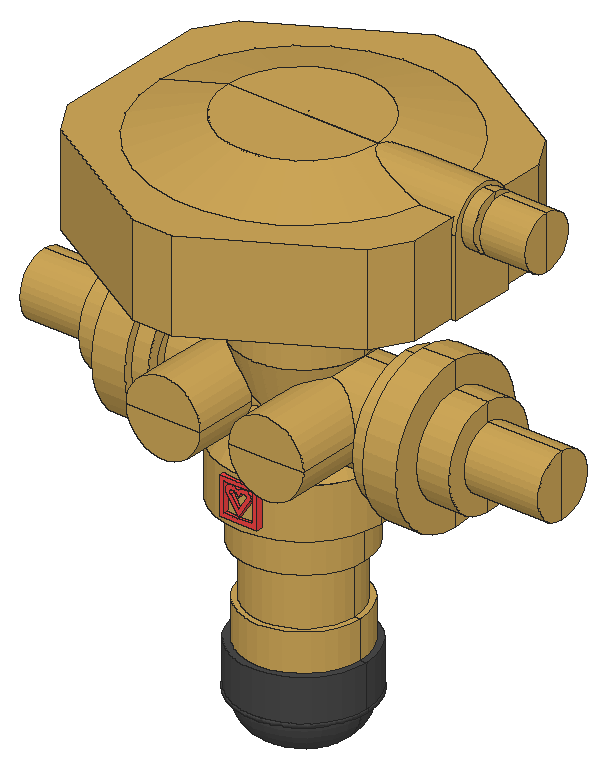
Revit family "Комби-клапан – регулятор расхода 4006_R", category Rohrzubehör, Revit 2018
Family settings
  Bemaßung runder Anschluss = Durchmesser verwenden
  Teiletyp = Unterbricht
  OmniClass-Nummer = 23.65.55.14
  OmniClass-Titel = Valves for Liquid Services
  Arbeitsebenenbasiert = Nein
  Immer vertikal = Ja
  Beim Laden mit Abzugskörper schneiden = Nein
  Gemeinsam genutzt = Nein
Parameters
  Среда = "Качество теплоносителя в соответствии с ÖNORM H5195 и/или предписаниями VDI-Standard 2035.\nРазрешается использование смеси этилен- или пропиленгликоля в соотношении 25-50% с водой."
  Номер заказа резьбового соединения [instance] = size_lookup("4006R_", "Vrnr", 0, Nennweite)  # 1621011
  Номер заказа [instance] = size_lookup("4006R_", "Artnr", 0, Nennweite)  # 1400641
  Мин. рабочая температура (антифриз) = -20 °C  # constant formula
  Макс. рабочая температура до DN32 = 130 °C  # constant formula
  Макс. рабочая температура от DN40 = 110 °C  # constant formula
  Макс. рабочее давление = 1600000.0 Pa  # constant formula
  VRL04 = 8.000 mm  # constant formula
  VRL03 [instance] = L01 + 4.000 mm  # 12.000 mm
  VRL02 = 18.000 mm  # constant formula
  VRL01 [instance] = size_lookup("4006R_", "VRL1", 30.000 mm, Nennweite)  # 30.000 mm
  URL = "www.herz-armaturen.ru"
  Шпиндель = "Нержавеющая сталь 14301"  # constant formula
  SCRNSEQ = "ARM;ARM_TYP=\"DURR\";2"
  SCRNCODE = "05;04;02"  # constant formula
  S05 [instance] = VRL01  # 30.000 mm
  S04 [instance] = H08 + (S03 / 2)  # 45.750 mm
  S03 [instance] = H09 + 4.700 mm  # 26.500 mm
  S02 [instance] = VRD01 * 2  # 36.400 mm
  S01 [instance] = 10.000 mm  # constant formula
  R12 = 3.900 mm  # constant formula
  R11 = 6.500 mm  # constant formula
  R10 = 35.000 mm  # constant formula
  R09 = 18.250 mm  # constant formula
  R08 = 11.300 mm  # constant formula
  R07 [instance] = size_lookup("4006R_", "R7", 17.300 mm, Nennweite)  # 17.300 mm
  R06 [instance] = size_lookup("4006R_", "R6", 19.000 mm, Nennweite)  # 19.000 mm
  R05 = 15.000 mm  # constant formula
  R04 = 12.500 mm  # constant formula
  R02 [instance] = size_lookup("4006R_", "R2", 15.000 mm, Nennweite)  # 15.000 mm
  R01 [instance] = size_lookup("4006R_", "R1", 11.500 mm, Nennweite)  # 11.500 mm
  PN = 16  # constant formula
  Кольцевое уплотнение O-Ring = "EPDM"  # constant formula
  Nennweite [instance] = 15.000 mm
  Мин. рабочая температура (чистая вода) = 2 °C  # constant formula
  Корпус мембраны = "латунь CW602N"  # constant formula
  Мембрана = "EPDM"  # constant formula
  L06 [instance] = L00 / 2  # 33.000 mm
  L05 = 11.000 mm  # constant formula
  L04 = 1.500 mm  # constant formula
  L03 = 3.200 mm  # constant formula
  L02 = 43.500 mm  # constant formula
  L01 [instance] = size_lookup("4006R_", "L1", 8.000 mm, Nennweite)  # 8.000 mm
  L00 [instance] = size_lookup("4006R_", "L", 66.000 mm, Nennweite)  # 66.000 mm
  Импульсная трубка = "Медь Cu-DHP (CW024A)"  # constant formula
  Ход = 4.000 mm  # constant formula
  Hersteller = "Herz-Armaturen GmbH"  # constant formula
  H13 [instance] = H02 - H05 - H03 - H04 - 2.000 mm  # 21.700 mm
  H12 = 19.250 mm  # constant formula
  H11 [instance] = size_lookup("4006R_", "H11", 59.000 mm, Nennweite)  # 59.000 mm
  H10 [instance] = H08 + H09  # 54.300 mm
  H09 = 21.800 mm  # constant formula
  H08 [instance] = H01 + H06 + H07  # 32.500 mm
  H07 = 4.000 mm  # constant formula
  H06 [instance] = size_lookup("4006R_", "H6", 10.000 mm, Nennweite)  # 10.000 mm
  H05 = 9.000 mm  # constant formula
  H04 [instance] = size_lookup("4006R_", "H4", 9.600 mm, Nennweite)  # 9.600 mm
  H03 [instance] = size_lookup("4006R_", "H3", 13.000 mm, Nennweite)  # 13.000 mm
  H02 [instance] = size_lookup("4006R_", "H2", 55.300 mm, Nennweite)  # 55.300 mm
  H01 [instance] = size_lookup("4006R_", "H1", 18.500 mm, Nennweite)  # 18.500 mm
  Корпус = "Латунь, устойчивая к селективной цинковой коррозии"  # constant formula
  VRG03 [instance] = Nennweite / 2  # 7.500 mm
  G02 [instance] = size_lookup("4006R_", "G2", 13.900 mm, Nennweite)  # 13.900 mm
  G01 [instance] = size_lookup("4006R_", "G1", 13.200 mm, Nennweite)  # 13.200 mm
  Пружина = "Пружинная нержавеющая сталь"  # constant formula
  DN50 [instance] = Nennweite = 50.000 mm  # no
  DN40 [instance] = Nennweite = 40.000 mm  # no
  DN32 [instance] = Nennweite = 32.000 mm  # no
  DN25 [instance] = Nennweite = 25.000 mm  # no
  DN20 [instance] = Nennweite = 20.000 mm  # no
  DN15 [instance] = Nennweite = 15.000 mm  # yes
  VRD03 [instance] = VRG03 + 4.500 mm  # 12.000 mm
  VRD02 [instance] = G01 + 3.000 mm  # 16.200 mm
  VRD01 [instance] = G01 + 5.000 mm  # 18.200 mm
  Защитный колпачок = "Пластик"  # constant formula
  Область применения = "Комби-клапан применяется в системах отопления и охлаждения с насосами. Комби-клапан автоматически ограничивает расход на выбранном участке системы до заданного значения, компенсируя все колебания давления. При этом нет необходимости в измерениях, а регулирование эффективно при любых условиях эксплуатации. Комби-клапан регулирует расход в соответствии с настройкой до заданного значения; на мембрану воздействует давление непосредственно до и после регулирующей части."
Reference planes
  plane 1 "Mitte (Vorne/hinten)": y = 0
  plane 2: z = 0
  plane 3 "Mitte (Links/rechts)": x = 0
Forms (mm)
  Revolve 1, solid, material "Messing, weicher Gelbton, geschweißt", detail levels fine
    sketch origin (0, 0, 0) x (1, 0, 0) y (0, 0, 1)
      loop
        line (-33, 0) -> (33, 0) -> (33, 13.2) -> (25, 13.2) -> (25, 11.5) -> (-25, 11.5) -> (-25, 13.2) -> (-33, 13.2) -> (-33, 0)
      axis (-33, 0) -> (33, 0)
    angle from 0 to 360
  Revolve 2, solid, material "Messing, weicher Gelbton, geschweißt", detail levels fine
    sketch origin (0, 0, 0) x (1, 0, 0) y (0, 0, 1)
      loop
        line (0, -55.3) -> (0, 18.5) -> (-15, 18.5) -> (-15, 11.5) -> (-11.5, 0) -> (-19, -11.5) -> (-19, -23.7) -> (-15, -23.7) -> (-15, -33.3) -> (-12.5, -33.3) -> (-12.5, -46.3) -> (-13.9, -46.3) -> (-13.9, -55.3) -> (0, -55.3)
      axis (0, 18.5) -> (0, -55.3)
    angle from 0 to 360
  Revolve 3, solid, material "Messing, weicher Gelbton, geschweißt", detail levels fine
    sketch origin (0, 0, 0) x (1, 0, 0) y (0, 0, 1)
      loop
        line (0, 18.5) -> (0, 32.5) -> (-11.3, 32.5) -> (-11.3, 28.5) -> (-17.3, 28.5) -> (-17.3, 18.5) -> (0, 18.5)
      axis (0, 32.5) -> (0, 18.5)
    angle from 0 to 360
  Extrusion 4, solid, material "Messing, weicher Gelbton, geschweißt", detail levels fine
    sketch origin (0, 0, 0) x (0, -1, 0) y (1, 0, 0)
      loop
        line (-46, -4.75) -> (-27.114, -37.462) -> (-18.886, -42.212) -> (18.886, -42.212) -> (27.114, -37.462) -> (46, -4.75) -> (46, 4.75) -> (27.114, 37.462) -> (18.886, 42.212) -> (-18.886, 42.212) -> (-27.114, 37.462) -> (-46, 4.75) -> (-46, -4.75)
    from 32.5 to 54.3
  Revolve 5, solid, material "Messing, weicher Gelbton, geschweißt", detail levels fine
    sketch origin (0, 0, 0) x (1, 0, 0) y (0, 0, 1)
      loop
        line (0, 54.3) -> (0, 59) -> (-18.25, 59) -> (-35, 54.3) -> (0, 54.3)
      axis (0, 59) -> (0, 54.3)
    angle from 0 to 360
  Extrusion 6, solid, material "Messing, weicher Gelbton, geschweißt", detail levels fine
    sketch origin (0, 0, 0) x (0, 1, 0) y (0, 0, 1)
      loop
        arc (7.85, 51.15) -> (0, 59) -> (-7.85, 51.15) r 7.85
        line (-7.85, 51.15) -> (-7.85, 32.5) -> (7.85, 32.5) -> (7.85, 51.15)
    from 0 to 43.5
  Revolve 7, solid, material "Messing, weicher Gelbton, geschweißt", detail levels fine
    sketch origin (0, 0, 0) x (1, 0, 0) y (0, 0, 1)
      loop
        line (43.5, 51.75) -> (59.2, 51.75) -> (59.2, 58.25) -> (48.2, 58.25) -> (48.2, 55.65) -> (46.7, 55.65) -> (46.7, 58.25) -> (43.5, 58.25) -> (43.5, 51.75)
      axis (43.5, 51.75) -> (59.2, 51.75)
    angle from 0 to 360
  Revolve 8, solid, material "Messing, weicher Gelbton, geschweißt", visible <- "DN15", detail levels fine
    sketch origin (0, 0, 0) x (1, 0, 0) y (0, 1, 0)
      loop
        line (-12.5, 24) -> (-20.2, 24) -> (-20.2, 0) -> (-21.5, 0) -> (-21.5, -27) -> (-12.5, -27) -> (-12.5, 24)
      axis (-12.5, 24) -> (-12.5, -27)
    angle from 0 to 360
  Revolve 9, solid, material "Messing, weicher Gelbton, geschweißt", visible <- "DN15", detail levels fine
    sketch origin (-12.5, 0, 0) x (0, 1, 0) y (0, 0, 1)
      loop
        line (24, 0) -> (39.7, 0) -> (39.7, 6.5) -> (28.7, 6.5) -> (28.7, 3.9) -> (27.2, 3.9) -> (27.2, 6.5) -> (24, 6.5) -> (24, 0)
      axis (24, 0) -> (39.7, 0)
    angle from 0 to 360
  Revolve 10, solid, material "Messing, weicher Gelbton, geschweißt", visible <- "DN15", detail levels fine
    sketch origin (0, 0, 0) x (1, 0, 0) y (0, 1, 0)
      loop
        line (12.5, 0) -> (12.5, -27) -> (21.6, -27) -> (21.6, 0) -> (12.5, 0)
      axis (12.5, 0) -> (12.5, -27)
    angle from 0 to 360
  Revolve 11, solid, material "Messing, weicher Gelbton, geschweißt", visible <- "DN20", detail levels fine
    sketch origin (-2, 0, 0) x (1, 0, 0) y (0, 1, 0)
      loop
        line (-12.5, 27) -> (-20.2, 27) -> (-20.2, 0) -> (-21.5, 0) -> (-21.5, -29) -> (-12.5, -29) -> (-12.5, 27)
      axis (-12.5, 27) -> (-12.5, -29)
    angle from 0 to 360
  Revolve 12, solid, material "Messing, weicher Gelbton, geschweißt", visible <- "DN20", detail levels fine
    sketch origin (2, 0, 0) x (1, 0, 0) y (0, 1, 0)
      loop
        line (12.5, 0) -> (12.5, -29) -> (21.6, -29) -> (21.6, 0) -> (12.5, 0)
      axis (12.5, 0) -> (12.5, -29)
    angle from 0 to 360
  Revolve 13, solid, material "Messing, weicher Gelbton, geschweißt", visible <- "DN20", detail levels fine
    sketch origin (-14.5, 3, 0) x (0, 1, 0) y (0, 0, 1)
      loop
        line (24, 0) -> (39.7, 0) -> (39.7, 6.5) -> (28.7, 6.5) -> (28.7, 3.9) -> (27.2, 3.9) -> (27.2, 6.5) -> (24, 6.5) -> (24, 0)
      axis (24, 0) -> (39.7, 0)
    angle from 0 to 360
  Revolve 14, solid, material "Messing, weicher Gelbton, geschweißt", visible <- "DN25", detail levels fine
    sketch origin (-2.1, 0, 0) x (1, 0, 0) y (0, 1, 0)
      loop
        line (-12.5, 27) -> (-20.2, 27) -> (-20.2, 0) -> (-21.5, 0) -> (-21.5, -29) -> (-12.5, -29) -> (-12.5, 27)
      axis (-12.5, 27) -> (-12.5, -29)
    angle from 0 to 360
  Revolve 15, solid, material "Messing, weicher Gelbton, geschweißt", visible <- "DN25", detail levels fine
    sketch origin (-14.6, 3, 0) x (0, 1, 0) y (0, 0, 1)
      loop
        line (24, 0) -> (39.7, 0) -> (39.7, 6.5) -> (28.7, 6.5) -> (28.7, 3.9) -> (27.2, 3.9) -> (27.2, 6.5) -> (24, 6.5) -> (24, 0)
      axis (24, 0) -> (39.7, 0)
    angle from 0 to 360
  Revolve 16, solid, material "Messing, weicher Gelbton, geschweißt", visible <- "DN25", detail levels fine
    sketch origin (2.1, 0, 0) x (1, 0, 0) y (0, 1, 0)
      loop
        line (12.5, 0) -> (12.5, -29) -> (21.6, -29) -> (21.6, 0) -> (12.5, 0)
      axis (12.5, 0) -> (12.5, -29)
    angle from 0 to 360
  Revolve 17, solid, material "Messing, weicher Gelbton, geschweißt", visible <- "DN32", detail levels fine
    sketch origin (0, 0, 0.637) x (1, 0, 0) y (0, 0, 1)
      loop
        line (-31.5, -0.637) -> (-40.5, -0.637) -> (-40.5, -43.437) -> (-31.5, -43.437) -> (-31.5, -0.637)
      axis (-31.5, -43.437) -> (-31.5, -0.637)
    angle from 0 to 360
  Revolve 18, solid, material "Messing, weicher Gelbton, geschweißt", visible <- "DN32", detail levels fine
    sketch origin (0, 0, 0.637) x (-1, 0, 0) y (0, 0, 1)
      loop
        line (-31.5, -0.637) -> (-40.5, -0.637) -> (-40.5, -43.437) -> (-31.5, -43.437) -> (-31.5, -0.637)
      axis (-31.5, -43.437) -> (-31.5, -0.637)
    angle from 0 to 360
  Revolve 19, solid, material "Messing, weicher Gelbton, geschweißt", visible <- "DN40", detail levels fine
    sketch origin (0, 0, 0) x (1, 0, 0) y (0, 0, 1)
      loop
        line (-37, 0) -> (-46, 0) -> (-46, -54.2) -> (-37, -54.2) -> (-37, 0)
      axis (-37, 0) -> (-37, -54.2)
    angle from 0 to 360
  Revolve 20, solid, material "Messing, weicher Gelbton, geschweißt", visible <- "DN40", detail levels fine
    sketch origin (0, 0, 0) x (-1, 0, 0) y (0, 0, 1)
      loop
        line (-37, 0) -> (-46, 0) -> (-46, -54.2) -> (-37, -54.2) -> (-37, 0)
      axis (-37, 0) -> (-37, -54.2)
    angle from 0 to 360
  Revolve 21, solid, material "Messing, weicher Gelbton, geschweißt", visible <- "DN50", detail levels fine
    sketch origin (-0.1, 0, 0) x (1, 0, 0) y (0, 0, 1)
      loop
        line (-37, 0) -> (-46, 0) -> (-46, -54.2) -> (-37, -54.2) -> (-37, 0)
      axis (-37, 0) -> (-37, -54.2)
    angle from 0 to 360
  Revolve 22, solid, material "Messing, weicher Gelbton, geschweißt", visible <- "DN50", detail levels fine
    sketch origin (0.1, 0, 0) x (-1, 0, 0) y (0, 0, 1)
      loop
        line (-37, 0) -> (-46, 0) -> (-46, -54.2) -> (-37, -54.2) -> (-37, 0)
      axis (-37, 0) -> (-37, -54.2)
    angle from 0 to 360
  Revolve 23, solid, material "Messing, weicher Gelbton, geschweißt", detail levels fine
    sketch origin (-97.028, 0, 0) x (1, 0, 0) y (0, 0, 1)
      loop
        line (130.028, 0) -> (160.028, 0) -> (160.028, 7.5) -> (142.028, 7.5) -> (142.028, 12) -> (134.028, 12) -> (134.028, 18.2) -> (126.028, 18.2) -> (126.028, 16.2) -> (122.028, 16.2) -> (122.028, 13.2) -> (130.028, 13.2) -> (130.028, 0)
      axis (122.028, 0) -> (160.028, 0)
    angle from 0 to 360
  Revolve 24, solid, material "Messing, weicher Gelbton, geschweißt", detail levels fine
    sketch origin (97.028, 0, 0) x (-1, 0, 0) y (0, 0, 1)
      loop
        line (130.028, 0) -> (160.028, 0) -> (160.028, 7.5) -> (142.028, 7.5) -> (142.028, 12) -> (134.028, 12) -> (134.028, 18.2) -> (126.028, 18.2) -> (126.028, 16.2) -> (122.028, 16.2) -> (122.028, 13.2) -> (130.028, 13.2) -> (130.028, 0)
      axis (122.028, 0) -> (160.028, 0)
    angle from 0 to 360
  Revolve 25, solid, material "Messing, weicher Gelbton, geschweißt", visible <- "DN32", detail levels fine
    sketch origin (-9.5, 0, 0) x (1, 0, 0) y (0, 1, 0)
      loop
        line (-12.5, -31) -> (-12.5, 0) -> (-20.2, 0) -> (-20.2, -31) -> (-12.5, -31)
      axis (-12.5, 0) -> (-12.5, -31)
    angle from 0 to 360
  Revolve 26, solid, material "Messing, weicher Gelbton, geschweißt", visible <- "DN32", detail levels fine
    sketch origin (-22, -7, 0) x (0, -1, 0) y (0, 0, -1)
      loop
        line (24, 0) -> (24, -6.5) -> (27.2, -6.5) -> (27.2, -3.9) -> (28.7, -3.9) -> (28.7, -6.5) -> (39.7, -6.5) -> (39.7, 0) -> (24, 0)
      axis (24, 0) -> (39.7, 0)
    angle from 0 to 360
  Revolve 27, solid, material "Messing, weicher Gelbton, geschweißt", visible <- "DN40", detail levels fine
    sketch origin (-17.5, 0, 0) x (1, 0, 0) y (0, 1, 0)
      loop
        line (-12.5, -39.5) -> (-12.5, 0) -> (-20.2, 0) -> (-20.2, -39.5) -> (-12.5, -39.5)
      axis (-12.5, 0) -> (-12.5, -39.5)
    angle from 0 to 360
  Revolve 28, solid, material "Messing, weicher Gelbton, geschweißt", visible <- "DN40", detail levels fine
    sketch origin (-30, -15.5, 0) x (0, -1, 0) y (0, 0, -1)
      loop
        line (24, 0) -> (24, -6.5) -> (27.2, -6.5) -> (27.2, -3.9) -> (28.7, -3.9) -> (28.7, -6.5) -> (39.7, -6.5) -> (39.7, 0) -> (24, 0)
      axis (24, 0) -> (39.7, 0)
    angle from 0 to 360
  Revolve 29, solid, material "Messing, weicher Gelbton, geschweißt", visible <- "DN50", detail levels fine
    sketch origin (-17.6, 0, 0) x (1, 0, 0) y (0, 1, 0)
      loop
        line (-12.5, -39.5) -> (-12.5, 0) -> (-20.2, 0) -> (-20.2, -39.5) -> (-12.5, -39.5)
      axis (-12.5, 0) -> (-12.5, -39.5)
    angle from 0 to 360
  Revolve 30, solid, material "Messing, weicher Gelbton, geschweißt", visible <- "DN50", detail levels fine
    sketch origin (-30.1, -15.5, 0) x (0, -1, 0) y (0, 0, -1)
      loop
        line (24, 0) -> (24, -6.5) -> (27.2, -6.5) -> (27.2, -3.9) -> (28.7, -3.9) -> (28.7, -6.5) -> (39.7, -6.5) -> (39.7, 0) -> (24, 0)
      axis (24, 0) -> (39.7, 0)
    angle from 0 to 360
Lines and regions (mm)
  model lines, detail levels coarse+medium
    curve 1: line (33, -18.2, 0) -> (33, 18.2, 0)
    curve 2: line (33, 18.2, 0) -> (-33, -18.2, 0)
    curve 3: line (-33, -18.2, 0) -> (-33, 18.2, 0)
    curve 4: line (-33, 18.2, 0) -> (33, -18.2, 0)
    curve 5: line (0, -18.5, 0) -> (0, -32.5, 0)
    curve 6: spline (-43.5, -45.75, 0) -> (-42.018, -42.321, 0) -> (-37.672, -39.125, 0) -> (-30.759, -36.381, 0) -> (-21.75, -34.275, 0) -> (-11.259, -32.951, 0) -> (0, -32.5, 0) -> (11.259, -32.951, 0) -> (21.75, -34.275, 0) -> (30.759, -36.381, 0) -> (37.672, -39.125, 0) -> (42.018, -42.321, 0) -> (43.5, -45.75, 0) -> (42.018, -49.179, 0) -> (37.672, -52.375, 0) -> (30.759, -55.119, 0) -> (21.75, -57.225, 0) -> (11.259, -58.549, 0) -> (0, -59, 0) -> (-11.259, -58.549, 0) -> (-21.75, -57.225, 0) -> (-30.759, -55.119, 0) -> (-37.672, -52.375, 0) -> (-42.018, -49.179, 0) -> (-43.5, -45.75, 0)
    curve 7: line (-33, 0, 18.2) -> (-33, 0, -18.2)
    curve 8: line (-33, 0, -18.2) -> (33, 0, 18.2)
    curve 9: line (33, 0, 18.2) -> (33, 0, -18.2)
    curve 10: line (33, 0, -18.2) -> (-33, 0, 18.2)
    curve 11: line (0, 0, 18.5) -> (0, 0, 32.5)
    curve 12: spline (-43.5, 0, 45.75) -> (-42.018, 0, 49.179) -> (-37.672, 0, 52.375) -> (-30.759, 0, 55.119) -> (-21.75, 0, 57.225) -> (-11.259, 0, 58.549) -> (0, 0, 59) -> (11.259, 0, 58.549) -> (21.75, 0, 57.225) -> (30.759, 0, 55.119) -> (37.672, 0, 52.375) -> (42.018, 0, 49.179) -> (43.5, 0, 45.75) -> (42.018, 0, 42.321) -> (37.672, 0, 39.125) -> (30.759, 0, 36.381) -> (21.75, 0, 34.275) -> (11.259, 0, 32.951) -> (0, 0, 32.5) -> (-11.259, 0, 32.951) -> (-21.75, 0, 34.275) -> (-30.759, 0, 36.381) -> (-37.672, 0, 39.125) -> (-42.018, 0, 42.321) -> (-43.5, 0, 45.75)
    curve 13: line (0, 0, 18.5) -> (-18.176, 0, 10.024)
    curve 14: line (0, 0, 18.5) -> (17.801, 0, 9.818)
    curve 15: line (33, 0, 18.2) -> (43, 0, 18.2)
    curve 16: line (43, 0, 18.2) -> (33, 0, 0)
    curve 17: line (33, 0, -18.2) -> (43, 0, -18.2)
    curve 18: line (43, 0, -18.2) -> (33, 0, 0)
    curve 19: line (-33, 0, 18.2) -> (-43, 0, 18.2)
    curve 20: line (-43, 0, 18.2) -> (-33, 0, 0)
    curve 21: line (-33, 0, -18.2) -> (-43, 0, -18.2)
    curve 22: line (-43, 0, -18.2) -> (-33, 0, 0)
    curve 23: line (33, 0, 0) -> (63, 0, 0)
    curve 24: line (-33, 0, 0) -> (-63, 0, 0)
    curve 25: line (0, -18.5, 0) -> (-16.5, -9.1, 0)
    curve 26: line (0, -18.5, 0) -> (16.5, -9.1, 0)
    curve 27: line (33, 18.2, 0) -> (43, 18.2, 0)
    curve 28: line (43, 18.2, 0) -> (33, 0, 0)
    curve 29: line (33, -18.2, 0) -> (43, -18.2, 0)
    curve 30: line (43, -18.2, 0) -> (33, 0, 0)
    curve 31: line (-33, 18.2, 0) -> (-43, 18.2, 0)
    curve 32: line (-43, 18.2, 0) -> (-33, 0, 0)
    curve 33: line (-33, -18.2, 0) -> (-43, -18.2, 0)
    curve 34: line (-43, -18.2, 0) -> (-33, 0, 0)
Dimensions and locks
  equal spacing: Revolve 1 sketch curve, plane 3 "Mitte (Links/rechts)", Revolve 1 sketch curve
  "L00": Revolve 1 sketch curve to Revolve 1 sketch curve
  "G01": Revolve 1 sketch curve to Revolve 1 sketch curve  (x2)
  "R01": Revolve 1 sketch curve to Revolve 1 sketch curve
  "L01": Revolve 1 sketch curve to Revolve 1 sketch curve  (x2)
  "H01": Revolve 2 sketch curve to plane 2
  "R01": Revolve 2 sketch curve to plane 2
  "R02": Revolve 2 sketch curve to Revolve 2 sketch curve
  "R01": Revolve 2 sketch curve to Revolve 2 sketch curve
  "H02": plane 2 to Revolve 2 sketch curve
  "G02": plane 3 "Mitte (Links/rechts)" to Revolve 2 sketch curve
  "H05": Revolve 2 sketch curve to Revolve 2 sketch curve
  "R04": Revolve 2 sketch curve to Revolve 2 sketch curve
  "R05": Revolve 2 sketch curve to Revolve 2 sketch curve
  "R06": Revolve 2 sketch curve to Revolve 2 sketch curve
  "R01": plane 2 to Revolve 2 sketch curve
  "H03": Revolve 2 sketch curve to Revolve 2 sketch curve
  "H04": Revolve 2 sketch curve to Revolve 2 sketch curve
  "H01": Revolve 3 sketch curve to plane 2
  "H06": Revolve 3 sketch curve to Revolve 3 sketch curve
  "R07": Revolve 3 sketch curve to Revolve 3 sketch curve
  "H07": Revolve 3 sketch curve to Revolve 3 sketch curve
  "R08": Revolve 3 sketch curve to Revolve 3 sketch curve
  "H08": Extrusion 4 to plane 2
  "H09": Extrusion 4 to Extrusion 4
  "H10": Revolve 5 sketch curve to plane 2
  "H11": Revolve 5 sketch curve to plane 2
  "R09": Revolve 5 sketch curve to Revolve 5 sketch curve
  "R10": Revolve 5 sketch curve to Revolve 5 sketch curve
  "L02": Extrusion 6 to plane 3 "Mitte (Links/rechts)"
  "H08": Extrusion 6 to plane 2
  "H12": Revolve 7 sketch curve to Extrusion 4
  "R11": Revolve 7 sketch curve to Revolve 7 sketch curve  (x2)
  "L03": Revolve 7 sketch curve to Revolve 7 sketch curve
  "L04": Revolve 7 sketch curve to Revolve 7 sketch curve
  "L05": Revolve 7 sketch curve to Revolve 7 sketch curve
  "R12": Revolve 7 sketch curve to Revolve 7 sketch curve
  "R11": Revolve 9 sketch curve to Revolve 9 sketch curve  (x2)
  "L03": Revolve 9 sketch curve to Revolve 9 sketch curve
  "L04": Revolve 9 sketch curve to Revolve 9 sketch curve
  "L05": Revolve 9 sketch curve to Revolve 9 sketch curve
  "R12": Revolve 9 sketch curve to Revolve 9 sketch curve
  "R06": plane 1 "Mitte (Vorne/hinten)" to nested 1
  Revolve 11 sketch curve to plane 1 "Mitte (Vorne/hinten)" = 29.000 mm
  plane 1 "Mitte (Vorne/hinten)" to Revolve 11 sketch curve = 27.000 mm
  Revolve 12 sketch curve to plane 1 "Mitte (Vorne/hinten)" = 29.000 mm
  "R11": Revolve 13 sketch curve to Revolve 13 sketch curve  (x2)
  "L03": Revolve 13 sketch curve to Revolve 13 sketch curve
  "L04": Revolve 13 sketch curve to Revolve 13 sketch curve
  "L05": Revolve 13 sketch curve to Revolve 13 sketch curve
  "R12": Revolve 13 sketch curve to Revolve 13 sketch curve
  "H13": plane 2 to nested 1
  "R11": Revolve 15 sketch curve to Revolve 15 sketch curve  (x2)
  "L03": Revolve 15 sketch curve to Revolve 15 sketch curve
  "L04": Revolve 15 sketch curve to Revolve 15 sketch curve
  "L05": Revolve 15 sketch curve to Revolve 15 sketch curve
  "R12": Revolve 15 sketch curve to Revolve 15 sketch curve
  plane 3 "Mitte (Links/rechts)" to Revolve 17 sketch curve = 31.500 mm
  Revolve 17 sketch curve to Revolve 17 sketch curve = 9.000 mm
  plane 2 to Revolve 17 sketch curve = 42.800 mm
  Revolve 18 sketch curve to Revolve 18 sketch curve = 9.000 mm
  "VRL01": Revolve 23 sketch curve to Revolve 23 sketch curve
  "L01": Revolve 23 sketch curve to Revolve 23 sketch curve
  "G01": Revolve 23 sketch curve to plane 2
  "VRD02": Revolve 23 sketch curve to plane 2
  "VRD01": Revolve 23 sketch curve to plane 2
  "VRG03": Revolve 23 sketch curve to Revolve 23 sketch curve
  "VRL02": Revolve 23 sketch curve to Revolve 23 sketch curve
  "VRD03": Revolve 23 sketch curve to Revolve 23 sketch curve
  "VRL03": Revolve 23 sketch curve to Revolve 23 sketch curve
  "VRL04": Revolve 23 sketch curve to Revolve 23 sketch curve
  "L06": plane 3 "Mitte (Links/rechts)" to Revolve 23 sketch curve
  "VRL01": Revolve 24 sketch curve to Revolve 24 sketch curve
  "L01": Revolve 24 sketch curve to Revolve 24 sketch curve
  "VRG03": Revolve 24 sketch curve to Revolve 24 sketch curve
  "VRL02": Revolve 24 sketch curve to Revolve 24 sketch curve
  "VRD03": Revolve 24 sketch curve to Revolve 24 sketch curve
  "VRL03": Revolve 24 sketch curve to Revolve 24 sketch curve
  "VRL04": Revolve 24 sketch curve to Revolve 24 sketch curve
  "L06": Revolve 24 sketch curve to plane 3 "Mitte (Links/rechts)"
  "H02": plane 2 to nested 2
  "L00": curve 3 to curve 1
  "S02": curve 3 to curve 4
  "S02": curve 4 to curve 2
  equal spacing: curve 3, plane 3 "Mitte (Links/rechts)", curve 1
  equal spacing: curve 3, plane 1 "Mitte (Vorne/hinten)", curve 4
  equal spacing: curve 4, plane 1 "Mitte (Vorne/hinten)", curve 2
  "H08": curve 5 to plane 1 "Mitte (Vorne/hinten)"
  "S04": curve 6 to plane 1 "Mitte (Vorne/hinten)"
  "S03": curve 6 to curve 6
  "L02": curve 6 to plane 3 "Mitte (Links/rechts)" to curve 6
  "S02": curve 10 to curve 8
  "S02": curve 9 to curve 10
  equal spacing: curve 10, plane 2, curve 8
  equal spacing: curve 9, plane 2, curve 10
  "L00": curve 7 to curve 9
  equal spacing: curve 7, plane 3 "Mitte (Links/rechts)", curve 9
  "H08": curve 11 to plane 2
  "S03": curve 12 to curve 12
  "L02": curve 12 to plane 3 "Mitte (Links/rechts)" to curve 12
  "H01": curve 14 to plane 2
  "S01": curve 9 to curve 16
  "S01": curve 9 to curve 18
  "S01": curve 20 to curve 7
  "S01": curve 22 to curve 7
  "S05": curve 23 to Revolve 23
  "S05": Revolve 24 to curve 24
  equal spacing: curve 3, curve 25, plane 3 "Mitte (Links/rechts)"
  equal spacing: plane 3 "Mitte (Links/rechts)", curve 26, curve 1
  "H01": curve 26 to plane 1 "Mitte (Vorne/hinten)"
  "S01": curve 1 to curve 28
  "S01": curve 1 to curve 30
  "S01": curve 32 to curve 3
  "S01": curve 34 to curve 3
  "R11": Revolve 26 sketch curve to Revolve 26 sketch curve  (x2)
  "L03": Revolve 26 sketch curve to Revolve 26 sketch curve
  "L04": Revolve 26 sketch curve to Revolve 26 sketch curve
  "L05": Revolve 26 sketch curve to Revolve 26 sketch curve
  "R12": Revolve 26 sketch curve to Revolve 26 sketch curve
  Revolve 25 sketch curve to Revolve 25 sketch curve = 31.000 mm
  "R11": Revolve 28 sketch curve to Revolve 28 sketch curve  (x2)
  "L03": Revolve 28 sketch curve to Revolve 28 sketch curve
  "L04": Revolve 28 sketch curve to Revolve 28 sketch curve
  "L05": Revolve 28 sketch curve to Revolve 28 sketch curve
  "R12": Revolve 28 sketch curve to Revolve 28 sketch curve
  Revolve 27 sketch curve to Revolve 27 sketch curve = 39.500 mm
  "R11": Revolve 30 sketch curve to Revolve 30 sketch curve  (x2)
  "L03": Revolve 30 sketch curve to Revolve 30 sketch curve
  "L04": Revolve 30 sketch curve to Revolve 30 sketch curve
  "L05": Revolve 30 sketch curve to Revolve 30 sketch curve
  "R12": Revolve 30 sketch curve to Revolve 30 sketch curve
  Revolve 29 sketch curve to Revolve 29 sketch curve = 39.500 mm
  aligned and locked: level to plane 2
Automatic sketch dimensions
  plane 3 "Mitte (Links/rechts)" to Extrusion 4 sketch curve = 4.750 mm  (x2)
  Extrusion 4 sketch curve to plane 1 "Mitte (Vorne/hinten)" = 46.000 mm
  Extrusion 4 sketch curve to plane 1 "Mitte (Vorne/hinten)" = 27.114 mm  (x2)
  Extrusion 4 sketch curve to Extrusion 4 sketch curve = 8.227 mm  (x4)
  plane 1 "Mitte (Vorne/hinten)" to Extrusion 4 sketch curve = 18.886 mm  (x2)
  Extrusion 4 sketch curve to Extrusion 4 sketch curve = 18.886 mm
  Extrusion 4 sketch curve to plane 3 "Mitte (Links/rechts)" = 4.750 mm  (x2)
  Extrusion 4 sketch curve to plane 3 "Mitte (Links/rechts)" = 37.462 mm  (x2)
  Extrusion 4 sketch curve to Extrusion 4 sketch curve = 4.750 mm  (x2)
  plane 3 "Mitte (Links/rechts)" to Extrusion 4 sketch curve = 37.462 mm  (x2)
  Extrusion 6 sketch curve to plane 1 "Mitte (Vorne/hinten)" = 0.000 mm
  plane 1 "Mitte (Vorne/hinten)" to Extrusion 6 sketch curve = 7.850 mm
  level to Extrusion 6 sketch curve = 32.500 mm
  Extrusion 6 sketch curve to Extrusion 6 sketch curve = 18.650 mm
  Extrusion 6 sketch curve to Extrusion 6 sketch curve = 0.000 mm
  plane 1 "Mitte (Vorne/hinten)" to Revolve 8 sketch curve = 0.000 mm
  Revolve 8 sketch curve to plane 3 "Mitte (Links/rechts)" = 21.500 mm
  Revolve 8 sketch curve to plane 3 "Mitte (Links/rechts)" = 20.200 mm
  Revolve 8 sketch curve to Revolve 8 sketch curve = 7.700 mm
  plane 1 "Mitte (Vorne/hinten)" to Revolve 8 sketch curve = 27.000 mm
  Revolve 8 sketch curve to plane 1 "Mitte (Vorne/hinten)" = 24.000 mm
  Revolve 8 sketch curve to Revolve 8 sketch curve = 0.000 mm  (x3)
  plane 1 "Mitte (Vorne/hinten)" to Revolve 10 sketch curve = 0.000 mm  (x2)
  plane 3 "Mitte (Links/rechts)" to Revolve 10 sketch curve = 12.500 mm
  Revolve 10 sketch curve to Revolve 10 sketch curve = 9.100 mm
  plane 1 "Mitte (Vorne/hinten)" to Revolve 10 sketch curve = 27.000 mm
  Revolve 10 sketch curve to Revolve 10 sketch curve = 0.000 mm  (x2)
  plane 1 "Mitte (Vorne/hinten)" to Revolve 11 sketch curve = 0.000 mm
  Revolve 11 sketch curve to plane 3 "Mitte (Links/rechts)" = 23.500 mm
  Revolve 11 sketch curve to plane 3 "Mitte (Links/rechts)" = 22.200 mm
  Revolve 11 sketch curve to Revolve 11 sketch curve = 7.700 mm
  Revolve 11 sketch curve to Revolve 11 sketch curve = 0.000 mm
  Revolve 11 sketch curve to Revolve 11 sketch curve = 2.000 mm
  Revolve 11 sketch curve to Revolve 11 sketch curve = 3.000 mm
  plane 1 "Mitte (Vorne/hinten)" to Revolve 12 sketch curve = 0.000 mm  (x2)
  plane 3 "Mitte (Links/rechts)" to Revolve 12 sketch curve = 14.500 mm
  Revolve 12 sketch curve to Revolve 12 sketch curve = 9.100 mm
  Revolve 12 sketch curve to Revolve 12 sketch curve = 0.000 mm
  Revolve 12 sketch curve to Revolve 12 sketch curve = 2.000 mm
  plane 1 "Mitte (Vorne/hinten)" to Revolve 14 sketch curve = 0.000 mm
  Revolve 14 sketch curve to plane 3 "Mitte (Links/rechts)" = 23.600 mm
  Revolve 14 sketch curve to plane 3 "Mitte (Links/rechts)" = 22.300 mm
  Revolve 14 sketch curve to Revolve 14 sketch curve = 7.700 mm
  plane 1 "Mitte (Vorne/hinten)" to Revolve 14 sketch curve = 29.000 mm
  Revolve 14 sketch curve to Revolve 14 sketch curve = 27.000 mm
  Revolve 14 sketch curve to Revolve 14 sketch curve = 0.000 mm
  Revolve 14 sketch curve to Revolve 14 sketch curve = 2.000 mm
  Revolve 14 sketch curve to Revolve 14 sketch curve = 3.000 mm
  plane 1 "Mitte (Vorne/hinten)" to Revolve 16 sketch curve = 0.000 mm  (x2)
  plane 3 "Mitte (Links/rechts)" to Revolve 16 sketch curve = 14.600 mm
  Revolve 16 sketch curve to Revolve 16 sketch curve = 9.100 mm
  Revolve 16 sketch curve to Revolve 16 sketch curve = 29.000 mm
  Revolve 16 sketch curve to Revolve 16 sketch curve = 0.000 mm
  Revolve 16 sketch curve to Revolve 16 sketch curve = 2.000 mm
  Revolve 17 sketch curve to level = 0.000 mm
  Revolve 17 sketch curve to Revolve 17 sketch curve = 0.000 mm
  Revolve 17 sketch curve to Revolve 17 sketch curve = 4.238 mm
  level to Revolve 17 sketch curve = 0.637 mm
  Revolve 18 sketch curve to level = 0.000 mm
  Revolve 18 sketch curve to plane 3 "Mitte (Links/rechts)" = 40.500 mm
  level to Revolve 18 sketch curve = 42.800 mm
  Revolve 18 sketch curve to Revolve 18 sketch curve = 0.000 mm
  Revolve 18 sketch curve to Revolve 18 sketch curve = 4.238 mm
  Revolve 18 sketch curve to level = 0.637 mm
  Revolve 19 sketch curve to level = 0.000 mm  (x2)
  Revolve 19 sketch curve to plane 3 "Mitte (Links/rechts)" = 46.000 mm
  Revolve 19 sketch curve to Revolve 19 sketch curve = 9.000 mm
  Revolve 19 sketch curve to level = 54.200 mm
  Revolve 19 sketch curve to Revolve 19 sketch curve = 0.000 mm  (x2)
  Revolve 20 sketch curve to level = 0.000 mm  (x2)
  Revolve 20 sketch curve to plane 3 "Mitte (Links/rechts)" = 46.000 mm
  Revolve 20 sketch curve to Revolve 20 sketch curve = 9.000 mm
  level to Revolve 20 sketch curve = 54.200 mm
  Revolve 20 sketch curve to Revolve 20 sketch curve = 0.000 mm  (x2)
  Revolve 21 sketch curve to level = 0.000 mm  (x2)
  Revolve 21 sketch curve to plane 3 "Mitte (Links/rechts)" = 46.100 mm
  Revolve 21 sketch curve to Revolve 21 sketch curve = 9.000 mm
  Revolve 21 sketch curve to Revolve 21 sketch curve = 54.200 mm
  Revolve 21 sketch curve to Revolve 21 sketch curve = 0.000 mm  (x2)
  Revolve 22 sketch curve to level = 0.000 mm  (x2)
  Revolve 22 sketch curve to plane 3 "Mitte (Links/rechts)" = 46.100 mm
  Revolve 22 sketch curve to Revolve 22 sketch curve = 9.000 mm
  Revolve 22 sketch curve to Revolve 22 sketch curve = 54.200 mm
  Revolve 22 sketch curve to Revolve 22 sketch curve = 0.000 mm  (x2)
  plane 1 "Mitte (Vorne/hinten)" to Revolve 25 sketch curve = 0.000 mm  (x2)
  Revolve 25 sketch curve to plane 3 "Mitte (Links/rechts)" = 29.700 mm
  Revolve 25 sketch curve to Revolve 25 sketch curve = 7.700 mm
  Revolve 25 sketch curve to Revolve 25 sketch curve = 0.000 mm
  Revolve 25 sketch curve to Revolve 25 sketch curve = 7.000 mm
  plane 1 "Mitte (Vorne/hinten)" to Revolve 27 sketch curve = 0.000 mm  (x2)
  Revolve 27 sketch curve to plane 3 "Mitte (Links/rechts)" = 37.700 mm
  Revolve 27 sketch curve to Revolve 27 sketch curve = 7.700 mm
  Revolve 27 sketch curve to Revolve 27 sketch curve = 0.000 mm
  Revolve 27 sketch curve to Revolve 27 sketch curve = 15.500 mm
  plane 1 "Mitte (Vorne/hinten)" to Revolve 29 sketch curve = 0.000 mm  (x2)
  Revolve 29 sketch curve to plane 3 "Mitte (Links/rechts)" = 37.800 mm
  Revolve 29 sketch curve to Revolve 29 sketch curve = 7.700 mm
  Revolve 29 sketch curve to Revolve 29 sketch curve = 0.000 mm
  Revolve 29 sketch curve to Revolve 29 sketch curve = 15.500 mm
  curve 24 to level = 0.000 mm
  curve 14 to plane 3 "Mitte (Links/rechts)" = 0.000 mm
  curve 23 to level = 0.000 mm
  curve 18 to level = 18.200 mm
  curve 22 to level = 18.200 mm
  level to curve 15 = 18.200 mm
  level to curve 20 = 18.200 mm
  curve 24 to curve 21 = 20.000 mm
  curve 21 to curve 21 = 10.000 mm
  curve 19 to curve 19 = 10.000 mm
  curve 19 to curve 13 = 14.824 mm
  plane 3 "Mitte (Links/rechts)" to curve 14 = 17.801 mm
  curve 15 to curve 15 = 10.000 mm
  curve 17 to curve 17 = 10.000 mm
  curve 15 to curve 23 = 20.000 mm
  level to curve 14 = 9.818 mm
  level to curve 13 = 10.024 mm
  curve 26 to plane 3 "Mitte (Links/rechts)" = 0.000 mm
  plane 1 "Mitte (Vorne/hinten)" to curve 28 = 0.000 mm
  plane 1 "Mitte (Vorne/hinten)" to curve 32 = 0.000 mm
  Revolve 1 sketch curve to level = 0.000 mm  (x2)
  Revolve 1 sketch curve to Revolve 1 sketch curve = 1473.530 mm
  Revolve 1 sketch curve to Revolve 1 sketch curve = 1806.148 mm
  Revolve 2 sketch curve to level = 0.000 mm
  Revolve 2 sketch curve to plane 3 "Mitte (Links/rechts)" = 0.000 mm  (x2)
  Revolve 2 sketch curve to Revolve 2 sketch curve = 310.745 mm
  Revolve 2 sketch curve to Revolve 2 sketch curve = 2195.815 mm
  Revolve 3 sketch curve to plane 3 "Mitte (Links/rechts)" = 0.000 mm  (x2)
  Revolve 3 sketch curve to level = 366.045 mm
  Revolve 3 sketch curve to Revolve 3 sketch curve = 2178.815 mm
  Revolve 5 sketch curve to plane 3 "Mitte (Links/rechts)" = 0.000 mm  (x2)
  Revolve 5 sketch curve to level = 366.045 mm
  Revolve 5 sketch curve to Revolve 5 sketch curve = 2155.315 mm
  plane 3 "Mitte (Links/rechts)" to Revolve 7 sketch curve = 43.500 mm
  Revolve 7 sketch curve to Revolve 7 sketch curve = 0.000 mm  (x3)
  Revolve 9 sketch curve to level = 0.000 mm  (x2)
  Revolve 9 sketch curve to plane 1 "Mitte (Vorne/hinten)" = 24.000 mm
  Revolve 9 sketch curve to Revolve 9 sketch curve = 0.000 mm  (x2)
  Revolve 13 sketch curve to level = 0.000 mm  (x2)
  Revolve 13 sketch curve to plane 1 "Mitte (Vorne/hinten)" = 27.000 mm
  Revolve 13 sketch curve to Revolve 13 sketch curve = 0.000 mm  (x2)
  Revolve 15 sketch curve to level = 0.000 mm  (x2)
  Revolve 15 sketch curve to plane 1 "Mitte (Vorne/hinten)" = 27.000 mm
  Revolve 15 sketch curve to Revolve 15 sketch curve = 0.000 mm  (x2)
  Revolve 23 sketch curve to level = 0.000 mm  (x2)
  Revolve 23 sketch curve to plane 3 "Mitte (Links/rechts)" = 1603.558 mm
  Revolve 23 sketch curve to Revolve 23 sketch curve = 1682.120 mm
  Revolve 24 sketch curve to level = 0.000 mm  (x2)
  Revolve 24 sketch curve to Revolve 24 sketch curve = 1.200 mm
  Revolve 24 sketch curve to Revolve 24 sketch curve = 3.000 mm
  Revolve 24 sketch curve to Revolve 24 sketch curve = 6.200 mm
  Revolve 24 sketch curve to plane 3 "Mitte (Links/rechts)" = 1603.558 mm
  Revolve 24 sketch curve to Revolve 24 sketch curve = 1682.120 mm
  curve 11 to plane 3 "Mitte (Links/rechts)" = 0.000 mm
  curve 11 to curve 11 = 14.000 mm
  Revolve 26 sketch curve to level = 0.000 mm  (x2)
  plane 1 "Mitte (Vorne/hinten)" to Revolve 26 sketch curve = 31.000 mm
  Revolve 26 sketch curve to Revolve 26 sketch curve = 0.000 mm  (x2)
  Revolve 28 sketch curve to level = 0.000 mm  (x2)
  plane 1 "Mitte (Vorne/hinten)" to Revolve 28 sketch curve = 39.500 mm
  Revolve 28 sketch curve to Revolve 28 sketch curve = 0.000 mm  (x2)
  Revolve 30 sketch curve to level = 0.000 mm  (x2)
  plane 1 "Mitte (Vorne/hinten)" to Revolve 30 sketch curve = 39.500 mm
  Revolve 30 sketch curve to Revolve 30 sketch curve = 0.000 mm  (x2)
Nested families
  nested 1: "Herz-Logo-vorne" at (-0.018, -19, -17.2) x (0, 1, 0) z (0, 0, 1), type "Herz-Logo-vorne", detail levels fine
  nested 2: "Bauschutzkappe für Kombiventil" at (0, 0, -55.3), type "Bauschutzkappe für Kombiventil", detail levels fine
Connectors
  piping at (63, 0, 0), diameter 15, driven by "Nennweite"
    settings: on Revolve 23, index 1, connector inside diameter 609.6 mm, connector length 0.000 mm, flow factor 0, pipe flow 0.0 L/s, pressure drop 0.0 Pa, fitting loss kfactor 0, connector angle 0.00°, fixture units 0, engagement length 0.000 mm, angle of deflection 0.00°, flow configuration 0, flow direction 1, fitting loss method 0, system type 29, joint type 0, gender type 0, connector reference index -1, connector utility 0, adjustable connector no, is connector primary yes, connector description ""
  piping at (-63, 0, 0), diameter 15, driven by "Nennweite"
    settings: on Revolve 24, index 2, connector inside diameter 609.6 mm, connector length 0.000 mm, flow factor 0, pipe flow 0.0 L/s, pressure drop 0.0 Pa, fitting loss kfactor 0, connector angle 0.00°, fixture units 0, engagement length 0.000 mm, angle of deflection 0.00°, flow configuration 0, flow direction 1, fitting loss method 0, system type 29, joint type 0, gender type 0, connector reference index -1, connector utility 0, adjustable connector no, is connector primary no, connector description ""
Definition of nested family "Herz-Logo-vorne"
  Reference planes
    plane 1 "Mitte (Vorne/hinten)": y = 0
    plane 2: z = 0
    plane 3 "Mitte (Links/rechts)": x = 0
  Forms (mm)
    Extrusion 1, solid
      sketch origin (0.732, -0.018, 0.017) x (0, -1, 0) y (0, 0, 1)
        loop
          line (-0.018, -4.517) -> (4.482, -4.517) -> (4.482, 4.483) -> (-4.518, 4.483) -> (-4.518, -4.517) -> (-0.018, -4.517)
        loop
          line (-0.05, -3.48) -> (3.482, -3.48) -> (3.482, 3.483) -> (-3.518, 3.483) -> (-3.518, -3.48) -> (-0.05, -3.48)
        loop
          arc (-0.018, 2.383) -> (-1.543, 3.287) -> (-3.067, 2.383) r 1.738
          arc (-3.067, 2.383) -> (-3.191, 1.899) -> (-3.067, 1.415) r 1.009
          line (-3.067, 1.415) -> (-0.018, -3.281) -> (3.032, 1.415)
          arc (3.032, 1.415) -> (3.156, 1.899) -> (3.032, 2.383) r 1.009
          arc (3.032, 2.383) -> (1.507, 3.287) -> (-0.018, 2.383) r 1.738
        loop
          arc (1.885, 1.272) -> (2.005, 1.675) -> (1.885, 2.079) r 0.74
          arc (1.885, 2.079) -> (1.265, 2.416) -> (0.644, 2.079) r 0.74
          line (0.644, 2.079) -> (-0.018, 0.97) -> (-0.679, 2.079)
          arc (-0.679, 2.079) -> (-1.3, 2.416) -> (-1.921, 2.079) r 0.74
          arc (-1.921, 2.079) -> (-2.04, 1.675) -> (-1.921, 1.272) r 0.74
          line (-1.921, 1.272) -> (-0.018, -1.658) -> (1.885, 1.272)
      from 0 to 1.5
  Dimensions and locks
    aligned and locked: level to plane 2
Definition of nested family "Bauschutzkappe für Kombiventil"
  Reference planes
    plane 1 "Mitte (Vorne/hinten)": y = 0
    plane 2: z = 0
    plane 3 "Mitte (Links/rechts)": x = 0
  Forms (mm)
    Revolve 1, solid
      sketch origin (0, 0, 0) x (1, 0, 0) y (0, 0, 1)
        loop
          line (0, 0) -> (-15.5, 0) -> (-15.5, -10.067)
          arc (-15.5, -10.067) -> (-15.733, -10.629) -> (-15.25, -11) r 0.5
          line (-15.25, -11) -> (-14.093, -11)
          arc (-14.093, -11) -> (-11.457, -17.364) -> (-5.093, -20) r 9
          line (-5.093, -20) -> (0, -20) -> (0, 0)
        axis (0, 0) -> (0, -20)
      angle from 0 to 360
  Dimensions and locks
    aligned and locked: level to plane 2
